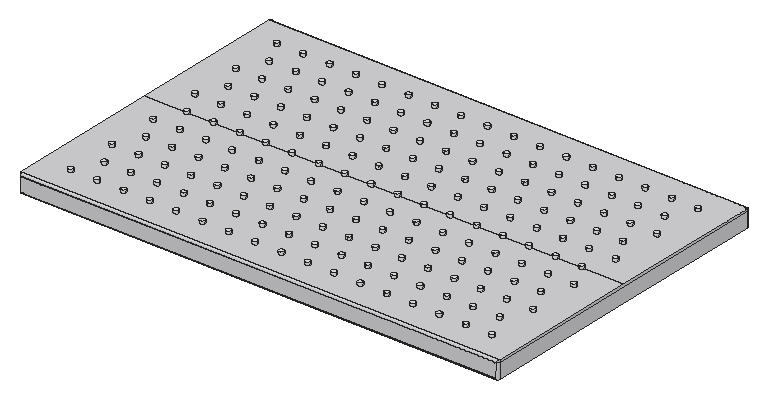
Revit family "Shower-Rainhead-KOHLER-BEITOU-K-27731IN", category Plumbing Fixtures, host Face, Revit 2017
Family settings
  Host = Face
  Round Connector Dimension = Use Diameter
  Part Type = Normal
  OmniClass Number = 23.31.17.00
  OmniClass Title = Showers
  Cut with Voids When Loaded = No
  Shared = No
  Room Calculation Point = No
Parameters (values of type "CP-Polished Chrome")
  Width = 13.18898"  # constant formula
  WaterSense Certified = 1 = 0  # no
  Waste Water Outlet = "Waste Water Outlet"  # constant formula
  Waste Connection = 1 = 0  # no
  Vent Connection = 1 = 0  # no
  URL = "https://www.kohler.co.in/"
  Type = 1
  Tempered Water Inlet = "Tempered Water Inlet"  # constant formula
  Product Page URL = "https://www.kohler.co.in/product-detail/27731in?skuid=K-27731IN-CP"
  Product Name = "BEITOU"  # constant formula
  Product Documentation Link = ""
  Pressure = 0.00 psi
  Model = if(Type = 1, "K-27731IN-CP", if(Type = 2, "K-27731IN-BL", "NA"))  # "K-27731IN-CP"
  Material = "Premium Metal Construction"  # constant formula
  Master Format 2014 Name = "Residential Showers"  # constant formula
  Master Format 2014 = "22 42 23"  # constant formula
  Manufacturer Address = "Ambience Office Tower NH-8 Gurgaon / Gurugram Haryana , 122001"  # constant formula
  Manufacturer = "KOHLER Co."  # constant formula
  Length = 8.66142"  # constant formula
  Hot Water Inlet = "Hot Water Inlet"  # constant formula
  Height = 2.40157"  # constant formula
  HW Connection = 1 = 1  # yes
  Flow Rate = 0 GPM
  Finish = Kohler-Metal-CP-Polished_Chrome
  Environmental Product Declaration = ""
  Drain Included = 1 = 0  # no
  Description = "Single Function Rainpanel"  # constant formula
  Default Elevation = 0"
  Declare Label = ""
  Date Modified = "12/30/2020"  # constant formula
  Date Created = "12/30/2020"  # constant formula
  Copyright = "Copyright KOHLER Co."  # constant formula
  Contact Us = "https://www.kohler.co.in/contact-us"
  Cold Water Inlet = "Cold Water Inlet"  # constant formula
  CW Connection = 1 = 0  # no
  Assembly Code = "D2010700"
  ADA Compliant = 1 = 0  # no
Reference planes (in)
  plane 1 "Center (Front/Back)": y = 0
  plane 2: z = 0
  plane 3 "Center (Left/Right)": x = 0
  plane 4: x = 6.59421
  plane 5: y = 4.33043
  plane 6: y = -4.33099
  plane 7: x = -6.59477
  plane 8: z = 2.40157
  plane 9: y = -0.47168
  plane 10: y = 0.47168
  plane 11: z = 1.93603
Dimensions and locks (in)
  "Width": plane 7 to plane 4
  "Length": plane 5 to plane 6
  "Height": plane 8 to level
  locked: plane 10 to plane 9 at 0.94336
  locked: plane 11 to level at 1.93603
  plane 11 to plane 8 = 0.46554"
  aligned and locked: plane 2 to host face
  aligned and locked: level to host face
Automatic sketch dimensions
  host sketch curve to host sketch curve = 96"  (x2)
Nested families (in)
  nested 1: "K-27731IN" at (0, 0, 0), type "K-27731IN"
Connectors (in)
  piping at (0, 0, 0), diameter 0.5, driven by "HW Connection", driven by "Tempered Water Inlet"
    settings: on nested 1, index 1, connector inside diameter 24", connector length 0", flow factor 0, pipe flow 0 GPM, pressure drop 0.00 psi, fitting loss kfactor 0, connector angle 0.00°, fixture units 0, engagement length 0", angle of deflection 0.00°, flow configuration 0, flow direction 1, fitting loss method 0, system type 19, joint type 0, gender type 0, connector reference index -1, connector utility 1, adjustable connector no, is connector primary yes, connector description "Tempered Water Inlet"
Definition of nested family "K-27731IN"
  Parameters (values of type "K-27731IN")
    Material = none
  Reference planes (in)
    plane 1 "Center (Front/Back)": y = 0
    plane 2: z = 0
    plane 3 "Center (Left/Right)": x = 0
    plane 4: z = 2.40945
    plane 5: y = 4.33043
    plane 6: y = -4.33043
    plane 7: x = 6.59421
    plane 8: x = -6.59421
  Forms (in)
    Extrusion 1, solid, material <- "Material", detail levels medium+fine
      sketch origin (0, 0, 0) x (0, 1, 0) y (0, 0, 1)
        loop
          line (4.33035, 1.95758) -> (4.32369, 2.33919)
          arc (4.32369, 2.33919) -> (4.30606, 2.38023) -> (4.26472, 2.39715) r 0.05898
          line (4.26472, 2.39715) -> (0, 2.39715) -> (-4.26472, 2.39715)
          arc (-4.26472, 2.39715) -> (-4.30606, 2.38023) -> (-4.32369, 2.33919) r 0.05898
          line (-4.32369, 2.33919) -> (-4.33035, 1.95758)
          arc (-4.33035, 1.95758) -> (-4.32456, 1.94305) -> (-4.31014, 1.93701) r 0.02021
          line (-4.31014, 1.93701) -> (-0.10577, 1.93701) -> (4.31014, 1.93701)
          arc (4.31014, 1.93701) -> (4.32456, 1.94305) -> (4.33035, 1.95758) r 0.02021
      from -7.50596 to 7.1468
    Extrusion 2, void
      sketch origin (0, 0, 0) x (1, 0, 0) y (0, 1, 0)
        loop
          line (0, 4.33508) -> (-6.5092, 4.33508)
          arc (-6.5092, 4.33508) -> (-6.56931, 4.31018) -> (-6.59421, 4.25007) r 0.085
          line (-6.59421, 4.25007) -> (-6.59421, -4.25007)
          arc (-6.59421, -4.25007) -> (-6.56931, -4.31018) -> (-6.5092, -4.33508) r 0.085
          line (-6.5092, -4.33508) -> (-0.19835, -4.33508) -> (6.5092, -4.33508)
          arc (6.5092, -4.33508) -> (6.56931, -4.31018) -> (6.59421, -4.25007) r 0.085
          line (6.59421, -4.25007) -> (6.59421, 4.25007)
          arc (6.59421, 4.25007) -> (6.56931, 4.31018) -> (6.5092, 4.33508) r 0.085
          line (6.5092, 4.33508) -> (0, 4.33508)
        loop
          line (-8.50449, 6.05582) -> (-8.50449, -6.1489) -> (8.22779, -6.1489) -> (8.22779, 6.05582) -> (-8.50449, 6.05582)
      from 1.30652 to 3.43545
    Revolve 3, solid, material <- "Material", detail levels medium+fine
      sketch origin (0, 0, 0) x (0, 1, 0) y (0, 0, 1)
        loop
          line (-0.47168, 0.00099) -> (0, 0.00099) -> (0, 1.94803) -> (-0.81025, 1.94803) -> (-0.78742, 1.9252) -> (-0.74803, 1.9252)
          arc (-0.74803, 1.9252) -> (-0.7349, 1.5557) -> (-0.71457, 1.18653) r 18.9874
          arc (-0.71457, 1.18653) -> (-0.69424, 1.14349) -> (-0.64997, 1.12598) r 0.06473
          line (-0.64997, 1.12598) -> (-0.44665, 1.12598)
          arc (-0.44665, 1.12598) -> (-0.41112, 1.06224) -> (-0.36588, 1.00498) r 0.45615
          arc (-0.36588, 1.00498) -> (-0.3572, 0.99117) -> (-0.35416, 0.97514) r 0.04384
          line (-0.35416, 0.97514) -> (-0.35416, 0.86217)
          arc (-0.35416, 0.86217) -> (-0.35883, 0.84735) -> (-0.37116, 0.8379) r 0.02583
          line (-0.37116, 0.8379) -> (-0.4509, 0.80888)
          arc (-0.4509, 0.80888) -> (-0.46597, 0.79731) -> (-0.47168, 0.7792) r 0.03159
          line (-0.47168, 0.7792) -> (-0.47168, 0.00099)
        axis (0, 1.94803) -> (0, 0.00099)
      angle from 0 to 360
    Extrusion 4, solid, material <- "Material", detail levels medium+fine
      sketch origin (0, 0, 0) x (0, 1, 0) y (0, 0, 1)
        loop
          line (4.2645, 2.40945) -> (0, 2.40945) -> (-4.2645, 2.40945)
          arc (-4.2645, 2.40945) -> (-4.30798, 2.39032) -> (-4.32326, 2.34534) r 0.05898
          line (-4.32326, 2.34534) -> (4.32326, 2.34534)
          arc (4.32326, 2.34534) -> (4.30798, 2.39032) -> (4.2645, 2.40945) r 0.05898
      from -7.57712 to 7.53836
    Extrusion 5, solid, detail levels medium+fine
      sketch origin (0, 0, 0) x (1, 0, 0) y (0, 1, 0)
        loop
          circle (-5.79562, 3.54335) r 0.0673
        loop
          circle (-5.06974, 3.54335) r 0.0673
        loop
          circle (-4.34531, 3.54335) r 0.0673
        loop
          circle (-3.62357, 3.54335) r 0.0673
        loop
          circle (-2.89741, 3.54335) r 0.0673
        loop
          circle (-2.17306, 3.54335) r 0.0673
        loop
          circle (-1.45031, 3.54335) r 0.0673
        loop
          circle (-0.72476, 3.54335) r 0.0673
        loop
          circle (0, 3.54335) r 0.0673
        loop
          circle (-0.36205, 2.83666) r 0.0673
        loop
          circle (-1.08873, 2.83666) r 0.0673
        loop
          circle (-1.81167, 2.83666) r 0.0673
        loop
          circle (-2.53769, 2.83666) r 0.0673
        loop
          circle (-3.25892, 2.83666) r 0.0673
        loop
          circle (-3.98435, 2.83666) r 0.0673
        loop
          circle (-4.71066, 2.83666) r 0.0673
        loop
          circle (-5.43845, 2.83666) r 0.0673
        loop
          circle (-5.79562, 2.12443) r 0.0673
        loop
          circle (-5.06887, 2.12443) r 0.0673
        loop
          circle (-4.34688, 2.12443) r 0.0673
        loop
          circle (-2.89751, 2.12443) r 0.0673
        loop
          circle (-3.6231, 2.12443) r 0.0673
        loop
          circle (-2.17459, 2.12443) r 0.0673
        loop
          circle (-1.45237, 2.12443) r 0.0673
        loop
          circle (-0.72394, 2.12443) r 0.0673
        loop
          circle (0, 2.12443) r 0.0673
        loop
          circle (-0.35747, 1.42285) r 0.0673
        loop
          circle (-1.08682, 1.42285) r 0.0673
        loop
          circle (-1.80965, 1.42285) r 0.0673
        loop
          circle (-2.53633, 1.41717) r 0.0673
        loop
          circle (-3.26483, 1.41717) r 0.0673
        loop
          circle (-3.98337, 1.41717) r 0.0673
        loop
          circle (-4.71132, 1.41717) r 0.0673
        loop
          circle (-5.43316, 1.41717) r 0.0673
        loop
          circle (-5.79063, 0.71559) r 0.0673
        loop
          circle (-5.06917, 0.70809) r 0.0673
        loop
          circle (-4.34351, 0.70809) r 0.0673
        loop
          circle (-3.62218, 0.70809) r 0.0673
        loop
          circle (-2.89676, 0.70809) r 0.0673
        loop
          circle (-2.17363, 0.70809) r 0.0673
        loop
          circle (-1.44686, 0.70809) r 0.0673
        loop
          circle (-0.72583, 0.70809) r 0.0673
        loop
          circle (0, 0.70809) r 0.0673
        loop
          circle (-0.36079, 0) r 0.0673
        loop
          circle (-1.08876, 0) r 0.0673
        loop
          circle (-1.81011, 0) r 0.0673
        loop
          circle (-2.5383, 0) r 0.0673
        loop
          circle (-3.26306, 0) r 0.0673
        loop
          circle (-3.98439, 0) r 0.0673
        loop
          circle (-4.70744, 0) r 0.0673
        loop
          circle (-5.43639, 0) r 0.0673
        loop
          circle (5.79562, 3.54335) r 0.0673
        loop
          circle (5.06974, 3.54335) r 0.0673
        loop
          circle (4.34531, 3.54335) r 0.0673
        loop
          circle (3.62357, 3.54335) r 0.0673
        loop
          circle (2.89741, 3.54335) r 0.0673
        loop
          circle (2.17306, 3.54335) r 0.0673
        loop
          circle (1.45031, 3.54335) r 0.0673
        loop
          circle (0.72476, 3.54335) r 0.0673
        loop
          circle (0.36205, 2.83666) r 0.0673
        loop
          circle (1.08873, 2.83666) r 0.0673
        loop
          circle (1.81167, 2.83666) r 0.0673
        loop
          circle (2.53769, 2.83666) r 0.0673
        loop
          circle (3.25892, 2.83666) r 0.0673
        loop
          circle (3.98435, 2.83666) r 0.0673
        loop
          circle (4.71066, 2.83666) r 0.0673
        loop
          circle (5.43845, 2.83666) r 0.0673
        loop
          circle (5.79562, 2.12443) r 0.0673
        loop
          circle (5.06887, 2.12443) r 0.0673
        loop
          circle (4.34688, 2.12443) r 0.0673
        loop
          circle (2.89751, 2.12443) r 0.0673
        loop
          circle (3.6231, 2.12443) r 0.0673
        loop
          circle (2.17459, 2.12443) r 0.0673
        loop
          circle (1.45237, 2.12443) r 0.0673
        loop
          circle (0.72394, 2.12443) r 0.0673
        loop
          circle (0.35747, 1.42285) r 0.0673
        loop
          circle (1.08682, 1.42285) r 0.0673
        loop
          circle (1.80965, 1.42285) r 0.0673
        loop
          circle (2.53633, 1.41717) r 0.0673
        loop
          circle (3.26483, 1.41717) r 0.0673
        loop
          circle (3.98337, 1.41717) r 0.0673
        loop
          circle (4.71132, 1.41717) r 0.0673
        loop
          circle (5.43316, 1.41717) r 0.0673
        loop
          circle (5.79063, 0.71559) r 0.0673
        loop
          circle (5.06917, 0.70809) r 0.0673
        loop
          circle (4.34351, 0.70809) r 0.0673
        loop
          circle (3.62218, 0.70809) r 0.0673
        loop
          circle (2.89676, 0.70809) r 0.0673
        loop
          circle (2.17363, 0.70809) r 0.0673
        loop
          circle (1.44686, 0.70809) r 0.0673
        loop
          circle (0.72583, 0.70809) r 0.0673
        loop
          circle (5.79562, -3.54335) r 0.0673
        loop
          circle (5.06974, -3.54335) r 0.0673
        loop
          circle (4.34531, -3.54335) r 0.0673
        loop
          circle (3.62357, -3.54335) r 0.0673
        loop
          circle (2.89741, -3.54335) r 0.0673
        loop
          circle (2.17306, -3.54335) r 0.0673
        loop
          circle (1.45031, -3.54335) r 0.0673
        loop
          circle (0.72476, -3.54335) r 0.0673
        loop
          circle (0.36205, -2.83666) r 0.0673
        loop
          circle (1.08873, -2.83666) r 0.0673
        loop
          circle (1.81167, -2.83666) r 0.0673
        loop
          circle (2.53769, -2.83666) r 0.0673
        loop
          circle (3.25892, -2.83666) r 0.0673
        loop
          circle (3.98435, -2.83666) r 0.0673
        loop
          circle (4.71066, -2.83666) r 0.0673
        loop
          circle (5.43845, -2.83666) r 0.0673
        loop
          circle (5.79562, -2.12443) r 0.0673
        loop
          circle (5.06887, -2.12443) r 0.0673
        loop
          circle (4.34688, -2.12443) r 0.0673
        loop
          circle (2.89751, -2.12443) r 0.0673
        loop
          circle (3.6231, -2.12443) r 0.0673
        loop
          circle (2.17459, -2.12443) r 0.0673
        loop
          circle (1.45237, -2.12443) r 0.0673
        loop
          circle (0.72394, -2.12443) r 0.0673
        loop
          circle (0.35747, -1.42285) r 0.0673
        loop
          circle (1.08682, -1.42285) r 0.0673
        loop
          circle (1.80965, -1.42285) r 0.0673
        loop
          circle (2.53633, -1.41717) r 0.0673
        loop
          circle (3.26483, -1.41717) r 0.0673
        loop
          circle (3.98337, -1.41717) r 0.0673
        loop
          circle (4.71132, -1.41717) r 0.0673
        loop
          circle (5.43316, -1.41717) r 0.0673
        loop
          circle (5.79063, -0.71559) r 0.0673
        loop
          circle (5.06917, -0.70809) r 0.0673
        loop
          circle (4.34351, -0.70809) r 0.0673
        loop
          circle (3.62218, -0.70809) r 0.0673
        loop
          circle (2.89676, -0.70809) r 0.0673
        loop
          circle (2.17363, -0.70809) r 0.0673
        loop
          circle (1.44686, -0.70809) r 0.0673
        loop
          circle (0.72583, -0.70809) r 0.0673
        loop
          circle (-5.79562, -3.54335) r 0.0673
        loop
          circle (-5.06974, -3.54335) r 0.0673
        loop
          circle (-4.34531, -3.54335) r 0.0673
        loop
          circle (-3.62357, -3.54335) r 0.0673
        loop
          circle (-2.89741, -3.54335) r 0.0673
        loop
          circle (-2.17306, -3.54335) r 0.0673
        loop
          circle (-1.45031, -3.54335) r 0.0673
        loop
          circle (-0.72476, -3.54335) r 0.0673
        loop
          circle (-0.36205, -2.83666) r 0.0673
        loop
          circle (-1.08873, -2.83666) r 0.0673
        loop
          circle (-1.81167, -2.83666) r 0.0673
        loop
          circle (-2.53769, -2.83666) r 0.0673
        loop
          circle (-3.25892, -2.83666) r 0.0673
        loop
          circle (-3.98435, -2.83666) r 0.0673
        loop
          circle (-4.71066, -2.83666) r 0.0673
        loop
          circle (-5.43845, -2.83666) r 0.0673
        loop
          circle (-5.79562, -2.12443) r 0.0673
        loop
          circle (-5.06887, -2.12443) r 0.0673
        loop
          circle (-4.34688, -2.12443) r 0.0673
        loop
          circle (-2.89751, -2.12443) r 0.0673
        loop
          circle (-3.6231, -2.12443) r 0.0673
        loop
          circle (-2.17459, -2.12443) r 0.0673
        loop
          circle (-1.45237, -2.12443) r 0.0673
        loop
          circle (-0.72394, -2.12443) r 0.0673
        loop
          circle (-0.35747, -1.42285) r 0.0673
        loop
          circle (-1.08682, -1.42285) r 0.0673
        loop
          circle (-1.80965, -1.42285) r 0.0673
        loop
          circle (-2.53633, -1.41717) r 0.0673
        loop
          circle (-3.26483, -1.41717) r 0.0673
        loop
          circle (-3.98337, -1.41717) r 0.0673
        loop
          circle (-4.71132, -1.41717) r 0.0673
        loop
          circle (-5.43316, -1.41717) r 0.0673
        loop
          circle (-5.79063, -0.71559) r 0.0673
        loop
          circle (-5.06917, -0.70809) r 0.0673
        loop
          circle (-4.34351, -0.70809) r 0.0673
        loop
          circle (-3.62218, -0.70809) r 0.0673
        loop
          circle (-2.89676, -0.70809) r 0.0673
        loop
          circle (-2.17363, -0.70809) r 0.0673
        loop
          circle (-1.44686, -0.70809) r 0.0673
        loop
          circle (-0.72583, -0.70809) r 0.0673
        loop
          circle (0.36079, 0) r 0.0673
        loop
          circle (1.08876, 0) r 0.0673
        loop
          circle (1.81011, 0) r 0.0673
        loop
          circle (2.5383, 0) r 0.0673
        loop
          circle (3.26306, 0) r 0.0673
        loop
          circle (3.98439, 0) r 0.0673
        loop
          circle (4.70744, 0) r 0.0673
        loop
          circle (5.43639, 0) r 0.0673
        loop
          circle (0, -3.54335) r 0.0673
        loop
          circle (0, -2.12443) r 0.0673
        loop
          circle (0, -0.70809) r 0.0673
      from 2.09449 to 2.46684
    Extrusion 6, void
      sketch origin (0, 0, 0) x (1, 0, 0) y (0, 0, 1)
        loop
          line (-0.52767, 0.31496) -> (-0.38372, 0.31496) -> (-0.38372, 1.0065) -> (-0.52767, 1.0065) -> (-0.52767, 0.31496)
        loop
          line (0.52767, 0.31496) -> (0.52767, 1.0065) -> (0.38372, 1.0065) -> (0.38372, 0.31496) -> (0.52767, 0.31496)
      from -1.14641 to 1.19864
    Extrusion 7, solid, material <- "Material"
      sketch origin (0, 0, 0) x (1, 0, 0) y (0, 1, 0)
        loop
          circle (0, 0) r 0.19685
      from 0 to 0.17668
    Revolve 8, solid, material <- "Material", detail levels coarse
      sketch origin (0, 0, 0) x (0, 1, 0) y (0, 0, 1)
        loop
          line (-0.47168, 0.00099) -> (0, 0.00099) -> (0, 1.94803) -> (-0.81025, 1.94803) -> (-0.78742, 1.9252) -> (-0.74803, 1.9252)
          arc (-0.74803, 1.9252) -> (-0.7335, 1.52539) -> (-0.71055, 1.12598) r 18.9874
          line (-0.71055, 1.12598) -> (-0.44665, 1.12598) -> (-0.35416, 0.97514) -> (-0.35416, 0.86217) -> (-0.47168, 0.79743) -> (-0.47168, 0.00099)
        axis (0, 1.94803) -> (0, 0.00099)
      angle from 0 to 360
    Extrusion 9, solid, material <- "Material", detail levels coarse
      sketch origin (0, 0, 0) x (1, 0, 0) y (0, 1, 0)
        loop
          line (-6.55244, 4.32326) -> (-6.55244, -4.33043) -> (6.59421, -4.33043) -> (6.59421, 4.32326) -> (-6.55244, 4.32326)
      from 1.93701 to 2.48098
  Cuts and joins
    Extrusion 2 cuts Extrusion 1
    Extrusion 6 cuts Revolve 3
    joined: Extrusion 1, Revolve 3
    Extrusion 2 cuts Extrusion 4
    joined: Revolve 8, Extrusion 9
  Lines and regions (in)
    Masking region 1
      outline origin (0, 0, 0) x (0, 1, 0) y (0, 0, 1)
        loop
          line (4.33056, 1.95758) -> (4.32369, 2.3515)
          arc (4.32369, 2.3515) -> (4.30606, 2.39254) -> (4.26472, 2.40945) r 0.05898
          line (4.26472, 2.40945) -> (3.61065, 2.40945) -> (3.61065, 2.46684) -> (3.47605, 2.46684) -> (3.47605, 2.40945) -> (3.28046, 2.40945) -> (2.90395, 2.40945) -> (2.90395, 2.46684) -> (2.76936, 2.46684) -> (2.76936, 2.40945) -> (2.49306, 2.40945) -> (2.19173, 2.40945) -> (2.19173, 2.46684) -> (2.05713, 2.46684) -> (2.05713, 2.40945) -> (1.70566, 2.40945) -> (1.49015, 2.40945) -> (1.49015, 2.46684) -> (1.34987, 2.46684) -> (1.34987, 2.40945) -> (1.11511, 2.40945) -> (0.7833, 2.40945) -> (0.7833, 2.46684) -> (0.64079, 2.46684) -> (0.64079, 2.40945) -> (0.0673, 2.40945) -> (0.0673, 2.46684) -> (-0.0673, 2.46684) -> (-0.0673, 2.40945) -> (-0.3937, 2.40945) -> (-0.64079, 2.40945) -> (-0.64079, 2.46684) -> (-0.7833, 2.46684) -> (-0.7833, 2.40945) -> (-1.11511, 2.40945) -> (-1.34987, 2.40945) -> (-1.34987, 2.46684) -> (-1.49015, 2.46684) -> (-1.49015, 2.40945) -> (-1.70566, 2.40945) -> (-2.05713, 2.40945) -> (-2.05713, 2.46684) -> (-2.19173, 2.46684) -> (-2.19173, 2.40945) -> (-2.49306, 2.40945) -> (-2.76936, 2.40945) -> (-2.76936, 2.46684) -> (-2.90395, 2.46684) -> (-2.90395, 2.40945) -> (-3.28046, 2.40945) -> (-3.47605, 2.40945) -> (-3.47605, 2.46684) -> (-3.61065, 2.46684) -> (-3.61065, 2.40945) -> (-4.26472, 2.40945)
          arc (-4.26472, 2.40945) -> (-4.30606, 2.39254) -> (-4.32369, 2.3515) r 0.05898
          line (-4.32369, 2.3515) -> (-4.33056, 1.95758)
          arc (-4.33056, 1.95758) -> (-4.32477, 1.94305) -> (-4.31035, 1.93701) r 0.02021
          line (-4.31035, 1.93701) -> (-0.81819, 1.93701) -> (-0.78742, 1.9252) -> (-0.74803, 1.9252)
          arc (-0.74803, 1.9252) -> (-0.7349, 1.5557) -> (-0.71457, 1.18653) r 18.9874
          arc (-0.71457, 1.18653) -> (-0.69424, 1.14349) -> (-0.64997, 1.12598) r 0.06473
          line (-0.64997, 1.12598) -> (-0.44665, 1.12598)
          arc (-0.44665, 1.12598) -> (-0.41112, 1.06224) -> (-0.36588, 1.00498) r 0.45615
          arc (-0.36588, 1.00498) -> (-0.3572, 0.99117) -> (-0.35416, 0.97514) r 0.04384
          line (-0.35416, 0.97514) -> (-0.35416, 0.86217)
          arc (-0.35416, 0.86217) -> (-0.35883, 0.84735) -> (-0.37116, 0.8379) r 0.02583
          line (-0.37116, 0.8379) -> (-0.4509, 0.80888)
          arc (-0.4509, 0.80888) -> (-0.46597, 0.79731) -> (-0.47168, 0.7792) r 0.03159
          line (-0.47168, 0.7792) -> (-0.47168, 0.00099) -> (0.47168, 0.00099) -> (0.47168, 0.7792)
          arc (0.47168, 0.7792) -> (0.46597, 0.79731) -> (0.4509, 0.80888) r 0.03159
          line (0.4509, 0.80888) -> (0.37116, 0.8379)
          arc (0.37116, 0.8379) -> (0.35883, 0.84735) -> (0.35416, 0.86217) r 0.02583
          line (0.35416, 0.86217) -> (0.35416, 0.97514)
          arc (0.35416, 0.97514) -> (0.3572, 0.99117) -> (0.36588, 1.00498) r 0.04384
          arc (0.36588, 1.00498) -> (0.41112, 1.06224) -> (0.44665, 1.12598) r 0.45615
          line (0.44665, 1.12598) -> (0.64997, 1.12598)
          arc (0.64997, 1.12598) -> (0.69424, 1.14349) -> (0.71457, 1.18653) r 0.06473
          arc (0.71457, 1.18653) -> (0.7349, 1.5557) -> (0.74803, 1.9252) r 18.9874
          line (0.74803, 1.9252) -> (0.78742, 1.9252) -> (0.81819, 1.93701) -> (4.31035, 1.93701)
          arc (4.31035, 1.93701) -> (4.32477, 1.94305) -> (4.33056, 1.95758) r 0.02021
    Masking region 2
      outline origin (0, 0, 0) x (1, 0, 0) y (0, 0, 1)
        loop
          arc (0.35416, 0.97415) -> (0.3572, 0.99018) -> (0.36588, 1.00399) r 0.04384
          arc (0.36588, 1.00399) -> (0.41145, 1.06175) -> (0.44714, 1.12608) r 0.45615
          line (0.44714, 1.12608) -> (0.64997, 1.12608)
          arc (0.64997, 1.12608) -> (0.69424, 1.14358) -> (0.71457, 1.18663) r 0.06473
          arc (0.71457, 1.18663) -> (0.7349, 1.55575) -> (0.74803, 1.9252) r 18.9874
          line (0.74803, 1.9252) -> (0.78739, 1.9252) -> (0.81963, 1.93693) -> (6.57435, 1.93693)
          arc (6.57435, 1.93693) -> (6.58847, 1.94285) -> (6.59414, 1.95707) r 0.01979
          line (6.59414, 1.95707) -> (6.58731, 2.34839)
          arc (6.58731, 2.34839) -> (6.56873, 2.39163) -> (6.52517, 2.40945) r 0.06215
          line (6.52517, 2.40945) -> (5.86292, 2.40945) -> (5.86292, 2.46684) -> (5.72333, 2.46684) -> (5.72333, 2.40945) -> (5.50369, 2.40945) -> (5.50369, 2.46684) -> (5.36586, 2.46684) -> (5.36586, 2.40945) -> (5.13704, 2.40945) -> (5.13704, 2.46684) -> (5.00157, 2.46684) -> (5.00157, 2.40945) -> (4.77861, 2.40945) -> (4.77861, 2.46684) -> (4.63076, 2.46684) -> (4.63076, 2.40945) -> (4.41418, 2.40945) -> (4.41418, 2.46684) -> (4.27621, 2.46684) -> (4.27621, 2.40945) -> (4.05067, 2.40945) -> (4.05067, 2.46684) -> (3.91607, 2.46684) -> (3.91607, 2.40945) -> (3.69087, 2.40945) -> (3.69087, 2.46684) -> (3.55488, 2.46684) -> (3.55488, 2.40945) -> (3.33213, 2.40945) -> (3.33213, 2.46684) -> (3.19162, 2.46684) -> (3.19162, 2.40945) -> (2.96481, 2.40945) -> (2.96481, 2.46684) -> (2.82946, 2.46684) -> (2.82946, 2.40945) -> (2.60363, 2.40945) -> (2.60363, 2.46684) -> (2.46904, 2.46684) -> (2.46904, 2.40945) -> (2.24189, 2.40945) -> (2.24189, 2.46684) -> (2.10576, 2.46684) -> (2.10576, 2.40945) -> (1.87897, 2.40945) -> (1.87897, 2.46684) -> (1.74235, 2.46684) -> (1.74235, 2.40945) -> (1.51966, 2.40945) -> (1.51966, 2.46684) -> (1.37956, 2.46684) -> (1.37956, 2.40945) -> (1.15606, 2.40945) -> (1.15606, 2.46684) -> (1.01953, 2.46684) -> (1.01953, 2.40945) -> (0.79313, 2.40945) -> (0.79313, 2.46684) -> (0.65664, 2.46684) -> (0.65664, 2.40945) -> (0.42935, 2.40945) -> (0.42935, 2.46684) -> (0.29017, 2.46684) -> (0.29017, 2.40945) -> (0.0673, 2.40945) -> (0.0673, 2.46684) -> (-0.0673, 2.46684) -> (-0.0673, 2.40945) -> (-0.29017, 2.40945) -> (-0.29017, 2.46684) -> (-0.42935, 2.46684) -> (-0.42935, 2.40945) -> (-0.65664, 2.40945) -> (-0.65664, 2.46684) -> (-0.79313, 2.46684) -> (-0.79313, 2.40945) -> (-1.01953, 2.40945) -> (-1.01953, 2.46684) -> (-1.15606, 2.46684) -> (-1.15606, 2.40945) -> (-1.37956, 2.40945) -> (-1.37956, 2.46684) -> (-1.51966, 2.46684) -> (-1.51966, 2.40945) -> (-1.74235, 2.40945) -> (-1.74235, 2.46684) -> (-1.87897, 2.46684) -> (-1.87897, 2.40945) -> (-2.10576, 2.40945) -> (-2.10576, 2.46684) -> (-2.24189, 2.46684) -> (-2.24189, 2.40945) -> (-2.46904, 2.40945) -> (-2.46904, 2.46684) -> (-2.60363, 2.46684) -> (-2.60363, 2.40945) -> (-2.82946, 2.40945) -> (-2.82946, 2.46684) -> (-2.96481, 2.46684) -> (-2.96481, 2.40945) -> (-3.19162, 2.40945) -> (-3.19162, 2.46684) -> (-3.33213, 2.46684) -> (-3.33213, 2.40945) -> (-3.55488, 2.40945) -> (-3.55488, 2.46684) -> (-3.69087, 2.46684) -> (-3.69087, 2.40945) -> (-3.91607, 2.40945) -> (-3.91607, 2.46684) -> (-4.05067, 2.46684) -> (-4.05067, 2.40945) -> (-4.27621, 2.40945) -> (-4.27621, 2.46684) -> (-4.41418, 2.46684) -> (-4.41418, 2.40945) -> (-4.63076, 2.40945) -> (-4.63076, 2.46684) -> (-4.77861, 2.46684) -> (-4.77861, 2.40945) -> (-5.00157, 2.40945) -> (-5.00157, 2.46684) -> (-5.13704, 2.46684) -> (-5.13704, 2.40945) -> (-5.36586, 2.40945) -> (-5.36586, 2.46684) -> (-5.50369, 2.46684) -> (-5.50369, 2.40945) -> (-5.72333, 2.40945) -> (-5.72333, 2.46684) -> (-5.86292, 2.46684) -> (-5.86292, 2.40945) -> (-6.52517, 2.40945)
          arc (-6.52517, 2.40945) -> (-6.56873, 2.39163) -> (-6.58731, 2.34839) r 0.06215
          line (-6.58731, 2.34839) -> (-6.59414, 1.95707)
          arc (-6.59414, 1.95707) -> (-6.58847, 1.94285) -> (-6.57435, 1.93693) r 0.01979
          line (-6.57435, 1.93693) -> (-0.81963, 1.93693) -> (-0.78739, 1.9252) -> (-0.74803, 1.9252)
          arc (-0.74803, 1.9252) -> (-0.7349, 1.55575) -> (-0.71457, 1.18663) r 18.9874
          arc (-0.71457, 1.18663) -> (-0.69424, 1.14358) -> (-0.64997, 1.12608) r 0.06473
          line (-0.64997, 1.12608) -> (-0.44714, 1.12608)
          arc (-0.44714, 1.12608) -> (-0.41145, 1.06175) -> (-0.36588, 1.00399) r 0.45615
          arc (-0.36588, 1.00399) -> (-0.3572, 0.99018) -> (-0.35416, 0.97415) r 0.04384
          line (-0.35416, 0.97415) -> (-0.35416, 0.86118)
          arc (-0.35416, 0.86118) -> (-0.36286, 0.84053) -> (-0.38372, 0.83233) r 0.02885
          line (-0.38372, 0.83233) -> (-0.38372, 0.31496) -> (-0.47168, 0.31496) -> (-0.47168, 0) -> (0, 0) -> (0.47168, 0) -> (0.47168, 0.31496) -> (0.38372, 0.31496) -> (0.38372, 0.83233)
          arc (0.38372, 0.83233) -> (0.36286, 0.84053) -> (0.35416, 0.86118) r 0.02885
          line (0.35416, 0.86118) -> (0.35416, 0.97415)
    Masking region 3
      outline origin (0, 0, 0) x (1, 0, 0) y (0, 1, 0)
        loop
          line (0, 4.33508) -> (-6.5092, 4.33508)
          arc (-6.5092, 4.33508) -> (-6.56931, 4.31018) -> (-6.59421, 4.25007) r 0.085
          line (-6.59421, 4.25007) -> (-6.59421, -4.25007)
          arc (-6.59421, -4.25007) -> (-6.56931, -4.31018) -> (-6.5092, -4.33508) r 0.085
          line (-6.5092, -4.33508) -> (-0.19835, -4.33508) -> (6.5092, -4.33508)
          arc (6.5092, -4.33508) -> (6.56931, -4.31018) -> (6.59421, -4.25007) r 0.085
          line (6.59421, -4.25007) -> (6.59421, 4.25007)
          arc (6.59421, 4.25007) -> (6.56931, 4.31018) -> (6.5092, 4.33508) r 0.085
          line (6.5092, 4.33508) -> (0, 4.33508)
    symbolic lines, detail levels medium+fine
      curve 1: line (0, 3.61065, 2.40945) -> (0, -3.61065, 2.40945)
      curve 2: arc (0, 0.24048, 0.8081) -> (0, 0, 0.83332) -> (0, -0.24048, 0.8081) r 1.159
      curve 3: arc (0, 0.27431, 0.78084) -> (0, 0.26153, 0.7996) -> (0, 0.24048, 0.8081) r 0.03911
      curve 4: arc (0, -0.24048, 0.8081) -> (0, -0.26153, 0.7996) -> (0, -0.27431, 0.78084) r 0.03911
      curve 5: line (0, 0.27431, 0.31496) -> (0, 0.27431, 0.78084)
      curve 6: line (0, -0.27431, 0.78084) -> (0, -0.27431, 0.31496)
      curve 7: line (0, -0.27431, 0.31496) -> (0, 0.27431, 0.31496)
      curve 8: line (0, 0.44665, 1.12598) -> (0, -0.44665, 1.12598)
      curve 9: line (0, 0.74803, 1.9252) -> (0, -0.74803, 1.9252)
      curve 10: line (0, -0.81819, 1.93701) -> (0, 0.81819, 1.93701)
      curve 11: line (0, 4.32359, 2.33919) -> (0, -4.32326, 2.34534)
      curve 12: circle (0, 0.00003, 0.92661) r 0.02347 normal (1, 0, 0)
      curve 13: line (0, 0.4509, 0.80888) -> (0, 0.23679, 0.80888)
      curve 14: line (0, 0.47168, 0.7792) -> (0, 0.27483, 0.7792)
      curve 15: line (0, 0.35416, 0.86217) -> (0, -0.35416, 0.86217)
      curve 16: line (0, 0.37116, 0.8379) -> (0, -0.37116, 0.8379)
      curve 17: line (0, -0.4509, 0.80888) -> (0, -0.23679, 0.80888)
      curve 18: line (0, -0.47168, 0.7792) -> (0, -0.27483, 0.7792)
      curve 19: line (0, 0.71457, 1.18653) -> (0, -0.71457, 1.18653)
      curve 20: line (-5.86292, 0, 2.40945) -> (5.86292, 0, 2.40945)
      curve 21: line (6.58731, 0, 2.34839) -> (-6.59421, 0, 2.34534)
      curve 22: line (0.81963, 0, 1.93693) -> (-0.82119, 0, 1.93701)
      curve 23: line (-0.74803, 0, 1.9252) -> (0.74803, 0, 1.9252)
      curve 24: line (-0.44714, 0, 1.12608) -> (0.44714, 0, 1.12608)
      curve 25: line (-0.36588, 0, 1.00399) -> (0.36588, 0, 1.00399)
      curve 26: line (-0.35416, 0, 0.97415) -> (0.35416, 0, 0.97415)
      curve 27: line (-0.38372, 0, 0.83233) -> (0.38372, 0, 0.83233)
      curve 28: line (-0.35416, 0, 0.86118) -> (0.35416, 0, 0.86118)
      curve 29: line (-0.71457, 0, 1.18663) -> (0.71457, 0, 1.18663)
      curve 30: circle (-0.00011, 0, 0.92595) r 0.02343 normal (0, 1, 0)
      curve 31: arc (-5.72832, 3.54335, 0) -> (-5.79562, 3.61065, 0) -> (-5.86292, 3.54335, 0) r 0.0673
      curve 32: arc (-5.86292, 3.54335, 0) -> (-5.79562, 3.47605, 0) -> (-5.72832, 3.54335, 0) r 0.0673
      curve 33: arc (-5.13704, 3.54335, 0) -> (-5.06974, 3.47605, 0) -> (-5.00244, 3.54335, 0) r 0.0673
      curve 34: arc (-5.00244, 3.54335, 0) -> (-5.06974, 3.61065, 0) -> (-5.13704, 3.54335, 0) r 0.0673
      curve 35: arc (-4.41261, 3.54335, 0) -> (-4.34531, 3.47605, 0) -> (-4.27801, 3.54335, 0) r 0.0673
      curve 36: arc (-4.27801, 3.54335, 0) -> (-4.34531, 3.61065, 0) -> (-4.41261, 3.54335, 0) r 0.0673
      curve 37: arc (-3.55627, 3.54335, 0) -> (-3.62357, 3.61065, 0) -> (-3.69087, 3.54335, 0) r 0.0673
      curve 38: arc (-3.69087, 3.54335, 0) -> (-3.62357, 3.47605, 0) -> (-3.55627, 3.54335, 0) r 0.0673
      curve 39: arc (-2.83012, 3.54335, 0) -> (-2.89741, 3.61065, 0) -> (-2.96471, 3.54335, 0) r 0.0673
      curve 40: arc (-2.96471, 3.54335, 0) -> (-2.89741, 3.47605, 0) -> (-2.83012, 3.54335, 0) r 0.0673
      curve 41: arc (-2.10576, 3.54335, 0) -> (-2.17306, 3.61065, 0) -> (-2.24036, 3.54335, 0) r 0.0673
      curve 42: arc (-2.24036, 3.54335, 0) -> (-2.17306, 3.47605, 0) -> (-2.10576, 3.54335, 0) r 0.0673
      curve 43: arc (-1.38301, 3.54335, 0) -> (-1.45031, 3.61065, 0) -> (-1.51761, 3.54335, 0) r 0.0673
      curve 44: arc (-1.51761, 3.54335, 0) -> (-1.45031, 3.47605, 0) -> (-1.38301, 3.54335, 0) r 0.0673
      curve 45: arc (-0.79206, 3.54335, 0) -> (-0.72476, 3.47605, 0) -> (-0.65746, 3.54335, 0) r 0.0673
      curve 46: arc (-0.65746, 3.54335, 0) -> (-0.72476, 3.61065, 0) -> (-0.79206, 3.54335, 0) r 0.0673
      curve 47: arc (-0.0673, 3.54335, 0) -> (0, 3.47605, 0) -> (0.0673, 3.54335, 0) r 0.0673
      curve 48: arc (0.0673, 3.54335, 0) -> (0, 3.61065, 0) -> (-0.0673, 3.54335, 0) r 0.0673
      curve 49: arc (-0.29475, 2.83666, 0) -> (-0.36205, 2.90395, 0) -> (-0.42935, 2.83666, 0) r 0.0673
      curve 50: arc (-0.42935, 2.83666, 0) -> (-0.36205, 2.76936, 0) -> (-0.29475, 2.83666, 0) r 0.0673
      curve 51: arc (-1.02143, 2.83666, 0) -> (-1.08873, 2.90395, 0) -> (-1.15603, 2.83666, 0) r 0.0673
      curve 52: arc (-1.15603, 2.83666, 0) -> (-1.08873, 2.76936, 0) -> (-1.02143, 2.83666, 0) r 0.0673
      curve 53: arc (-1.74437, 2.83666, 0) -> (-1.81167, 2.90395, 0) -> (-1.87897, 2.83666, 0) r 0.0673
      curve 54: arc (-1.02143, 2.83666, 0) -> (-1.08873, 2.90395, 0) -> (-1.15603, 2.83666, 0) r 0.0673
      curve 55: arc (-1.87897, 2.83666, 0) -> (-1.81167, 2.76936, 0) -> (-1.74437, 2.83666, 0) r 0.0673
      curve 56: arc (-2.47039, 2.83666, 0) -> (-2.53769, 2.90395, 0) -> (-2.60499, 2.83666, 0) r 0.0673
      curve 57: arc (-2.60499, 2.83666, 0) -> (-2.53769, 2.76936, 0) -> (-2.47039, 2.83666, 0) r 0.0673
      curve 58: arc (-3.32622, 2.83666, 0) -> (-3.25892, 2.76936, 0) -> (-3.19162, 2.83666, 0) r 0.0673
      curve 59: arc (-3.19162, 2.83666, 0) -> (-3.25892, 2.90395, 0) -> (-3.32622, 2.83666, 0) r 0.0673
      curve 60: arc (-3.91705, 2.83666, 0) -> (-3.98435, 2.90395, 0) -> (-4.05164, 2.83666, 0) r 0.0673
      curve 61: arc (-4.05164, 2.83666, 0) -> (-3.98435, 2.76936, 0) -> (-3.91705, 2.83666, 0) r 0.0673
      curve 62: arc (-4.64336, 2.83666, 0) -> (-4.71066, 2.90395, 0) -> (-4.77796, 2.83666, 0) r 0.0673
      curve 63: arc (-4.77796, 2.83666, 0) -> (-4.71066, 2.76936, 0) -> (-4.64336, 2.83666, 0) r 0.0673
      curve 64: arc (-5.50575, 2.83666, 0) -> (-5.43845, 2.76936, 0) -> (-5.37115, 2.83666, 0) r 0.0673
      curve 65: arc (-5.37115, 2.83666, 0) -> (-5.43845, 2.90395, 0) -> (-5.50575, 2.83666, 0) r 0.0673
      curve 66: arc (-5.72832, 2.12443, 0) -> (-5.79562, 2.19173, 0) -> (-5.86292, 2.12443, 0) r 0.0673
      curve 67: arc (-5.86292, 2.12443, 0) -> (-5.79562, 2.05713, 0) -> (-5.72832, 2.12443, 0) r 0.0673
      curve 68: arc (-5.00157, 2.12443, 0) -> (-5.06887, 2.19173, 0) -> (-5.13617, 2.12443, 0) r 0.0673
      curve 69: arc (-5.13617, 2.12443, 0) -> (-5.06887, 2.05713, 0) -> (-5.00157, 2.12443, 0) r 0.0673
      curve 70: arc (-4.27958, 2.12443, 0) -> (-4.34688, 2.19173, 0) -> (-4.41418, 2.12443, 0) r 0.0673
      curve 71: arc (-4.41418, 2.12443, 0) -> (-4.34688, 2.05713, 0) -> (-4.27958, 2.12443, 0) r 0.0673
      curve 72: arc (-3.6904, 2.12443, 0) -> (-3.6231, 2.05713, 0) -> (-3.55581, 2.12443, 0) r 0.0673
      curve 73: arc (-3.55581, 2.12443, 0) -> (-3.6231, 2.19173, 0) -> (-3.6904, 2.12443, 0) r 0.0673
      curve 74: arc (-2.83021, 2.12443, 0) -> (-2.89751, 2.19173, 0) -> (-2.96481, 2.12443, 0) r 0.0673
      curve 75: arc (-2.96481, 2.12443, 0) -> (-2.89751, 2.05713, 0) -> (-2.83021, 2.12443, 0) r 0.0673
      curve 76: arc (-2.1073, 2.12443, 0) -> (-2.17459, 2.19173, 0) -> (-2.24189, 2.12443, 0) r 0.0673
      curve 77: arc (-2.24189, 2.12443, 0) -> (-2.17459, 2.05713, 0) -> (-2.1073, 2.12443, 0) r 0.0673
      curve 78: arc (-1.51966, 2.12443, 0) -> (-1.45237, 2.05713, 0) -> (-1.38507, 2.12443, 0) r 0.0673
      curve 79: arc (-1.38507, 2.12443, 0) -> (-1.45237, 2.19173, 0) -> (-1.51966, 2.12443, 0) r 0.0673
      curve 80: arc (-0.65664, 2.12443, 0) -> (-0.72394, 2.19173, 0) -> (-0.79123, 2.12443, 0) r 0.0673
      curve 81: arc (-0.79123, 2.12443, 0) -> (-0.72394, 2.05713, 0) -> (-0.65664, 2.12443, 0) r 0.0673
      curve 82: arc (-0.29017, 1.42285, 0) -> (-0.35747, 1.49015, 0) -> (-0.42477, 1.42285, 0) r 0.0673
      curve 83: arc (-0.42477, 1.42285, 0) -> (-0.35747, 1.35555, 0) -> (-0.29017, 1.42285, 0) r 0.0673
      curve 84: arc (-0.0673, 2.12443, 0) -> (0, 2.05713, 0) -> (0.0673, 2.12443, 0) r 0.0673
      curve 85: arc (0.0673, 2.12443, 0) -> (0, 2.19173, 0) -> (-0.0673, 2.12443, 0) r 0.0673
      curve 86: arc (-0.29017, 1.42285, 0) -> (-0.35747, 1.49015, 0) -> (-0.42477, 1.42285, 0) r 0.0673
      curve 87: arc (-0.42477, 1.42285, 0) -> (-0.35747, 1.35555, 0) -> (-0.29017, 1.42285, 0) r 0.0673
      curve 88: arc (-1.01953, 1.42285, 0) -> (-1.08682, 1.49015, 0) -> (-1.15412, 1.42285, 0) r 0.0673
      curve 89: arc (-1.15412, 1.42285, 0) -> (-1.08682, 1.35555, 0) -> (-1.01953, 1.42285, 0) r 0.0673
      curve 90: arc (-1.74235, 1.42285, 0) -> (-1.80965, 1.49015, 0) -> (-1.87695, 1.42285, 0) r 0.0673
      curve 91: arc (-1.87695, 1.42285, 0) -> (-1.80965, 1.35555, 0) -> (-1.74235, 1.42285, 0) r 0.0673
      curve 92: arc (-2.46904, 1.41717, 0) -> (-2.53633, 1.48447, 0) -> (-2.60363, 1.41717, 0) r 0.0673
      curve 93: arc (-2.60363, 1.41717, 0) -> (-2.53633, 1.34987, 0) -> (-2.46904, 1.41717, 0) r 0.0673
      curve 94: arc (-3.19754, 1.41717, 0) -> (-3.26483, 1.48447, 0) -> (-3.33213, 1.41717, 0) r 0.0673
      curve 95: arc (-3.33213, 1.41717, 0) -> (-3.26483, 1.34987, 0) -> (-3.19754, 1.41717, 0) r 0.0673
      curve 96: arc (-3.91607, 1.41717, 0) -> (-3.98337, 1.48447, 0) -> (-4.05067, 1.41717, 0) r 0.0673
      curve 97: arc (-4.05067, 1.41717, 0) -> (-3.98337, 1.34987, 0) -> (-3.91607, 1.41717, 0) r 0.0673
      curve 98: arc (-4.64402, 1.41717, 0) -> (-4.71132, 1.48447, 0) -> (-4.77861, 1.41717, 0) r 0.0673
      curve 99: arc (-4.77861, 1.41717, 0) -> (-4.71132, 1.34987, 0) -> (-4.64402, 1.41717, 0) r 0.0673
      curve 100: arc (-5.36586, 1.41717, 0) -> (-5.43316, 1.48447, 0) -> (-5.50045, 1.41717, 0) r 0.0673
      curve 101: arc (-5.50045, 1.41717, 0) -> (-5.43316, 1.34987, 0) -> (-5.36586, 1.41717, 0) r 0.0673
      curve 102: arc (-5.72333, 0.71559, 0) -> (-5.79063, 0.78289, 0) -> (-5.85793, 0.71559, 0) r 0.0673
      curve 103: arc (-5.85793, 0.71559, 0) -> (-5.79063, 0.64829, 0) -> (-5.72333, 0.71559, 0) r 0.0673
      curve 104: arc (-5.00187, 0.70809, 0) -> (-5.06917, 0.77539, 0) -> (-5.13647, 0.70809, 0) r 0.0673
      curve 105: arc (-5.13647, 0.70809, 0) -> (-5.06917, 0.64079, 0) -> (-5.00187, 0.70809, 0) r 0.0673
      curve 106: arc (-4.27621, 0.70809, 0) -> (-4.34351, 0.77539, 0) -> (-4.41081, 0.70809, 0) r 0.0673
      curve 107: arc (-4.41081, 0.70809, 0) -> (-4.34351, 0.64079, 0) -> (-4.27621, 0.70809, 0) r 0.0673
      curve 108: arc (-3.55488, 0.70809, 0) -> (-3.62218, 0.77539, 0) -> (-3.68948, 0.70809, 0) r 0.0673
      curve 109: arc (-3.68948, 0.70809, 0) -> (-3.62218, 0.64079, 0) -> (-3.55488, 0.70809, 0) r 0.0673
      curve 110: arc (-2.82946, 0.70809, 0) -> (-2.89676, 0.77539, 0) -> (-2.96406, 0.70809, 0) r 0.0673
      curve 111: arc (-2.96406, 0.70809, 0) -> (-2.89676, 0.64079, 0) -> (-2.82946, 0.70809, 0) r 0.0673
      curve 112: arc (-2.10633, 0.70809, 0) -> (-2.17363, 0.77539, 0) -> (-2.24092, 0.70809, 0) r 0.0673
      curve 113: arc (-2.24092, 0.70809, 0) -> (-2.17363, 0.64079, 0) -> (-2.10633, 0.70809, 0) r 0.0673
      curve 114: arc (-1.37956, 0.70809, 0) -> (-1.44686, 0.77539, 0) -> (-1.51416, 0.70809, 0) r 0.0673
      curve 115: arc (-1.51416, 0.70809, 0) -> (-1.44686, 0.64079, 0) -> (-1.37956, 0.70809, 0) r 0.0673
      curve 116: arc (-0.79313, 0.70809, 0) -> (-0.72583, 0.64079, 0) -> (-0.65853, 0.70809, 0) r 0.0673
      curve 117: arc (-0.65853, 0.70809, 0) -> (-0.72583, 0.77539, 0) -> (-0.79313, 0.70809, 0) r 0.0673
      curve 118: arc (0.0673, 0.70809, 0) -> (0, 0.77539, 0) -> (-0.0673, 0.70809, 0) r 0.0673
      curve 119: arc (-0.0673, 0.70809, 0) -> (0, 0.64079, 0) -> (0.0673, 0.70809, 0) r 0.0673
      curve 120: arc (5.72832, 3.54335, 0) -> (5.79562, 3.61065, 0) -> (5.86292, 3.54335, 0) r 0.0673
      curve 121: arc (5.86292, 3.54335, 0) -> (5.79562, 3.47605, 0) -> (5.72832, 3.54335, 0) r 0.0673
      curve 122: arc (5.13704, 3.54335, 0) -> (5.06974, 3.47605, 0) -> (5.00244, 3.54335, 0) r 0.0673
      curve 123: arc (5.00244, 3.54335, 0) -> (5.06974, 3.61065, 0) -> (5.13704, 3.54335, 0) r 0.0673
      curve 124: arc (4.41261, 3.54335, 0) -> (4.34531, 3.47605, 0) -> (4.27801, 3.54335, 0) r 0.0673
      curve 125: arc (4.27801, 3.54335, 0) -> (4.34531, 3.61065, 0) -> (4.41261, 3.54335, 0) r 0.0673
      curve 126: arc (3.55627, 3.54335, 0) -> (3.62357, 3.61065, 0) -> (3.69087, 3.54335, 0) r 0.0673
      curve 127: arc (3.69087, 3.54335, 0) -> (3.62357, 3.47605, 0) -> (3.55627, 3.54335, 0) r 0.0673
      curve 128: arc (2.83012, 3.54335, 0) -> (2.89741, 3.61065, 0) -> (2.96471, 3.54335, 0) r 0.0673
      curve 129: arc (2.96471, 3.54335, 0) -> (2.89741, 3.47605, 0) -> (2.83012, 3.54335, 0) r 0.0673
      curve 130: arc (2.10576, 3.54335, 0) -> (2.17306, 3.61065, 0) -> (2.24036, 3.54335, 0) r 0.0673
      curve 131: arc (2.24036, 3.54335, 0) -> (2.17306, 3.47605, 0) -> (2.10576, 3.54335, 0) r 0.0673
      curve 132: arc (1.38301, 3.54335, 0) -> (1.45031, 3.61065, 0) -> (1.51761, 3.54335, 0) r 0.0673
      curve 133: arc (1.51761, 3.54335, 0) -> (1.45031, 3.47605, 0) -> (1.38301, 3.54335, 0) r 0.0673
      curve 134: arc (0.79206, 3.54335, 0) -> (0.72476, 3.47605, 0) -> (0.65746, 3.54335, 0) r 0.0673
      curve 135: arc (0.65746, 3.54335, 0) -> (0.72476, 3.61065, 0) -> (0.79206, 3.54335, 0) r 0.0673
      curve 136: arc (0.29475, 2.83666, 0) -> (0.36205, 2.90395, 0) -> (0.42935, 2.83666, 0) r 0.0673
      curve 137: arc (0.42935, 2.83666, 0) -> (0.36205, 2.76936, 0) -> (0.29475, 2.83666, 0) r 0.0673
      curve 138: arc (1.02143, 2.83666, 0) -> (1.08873, 2.90395, 0) -> (1.15603, 2.83666, 0) r 0.0673
      curve 139: arc (1.15603, 2.83666, 0) -> (1.08873, 2.76936, 0) -> (1.02143, 2.83666, 0) r 0.0673
      curve 140: arc (1.74437, 2.83666, 0) -> (1.81167, 2.90395, 0) -> (1.87897, 2.83666, 0) r 0.0673
      curve 141: arc (1.02143, 2.83666, 0) -> (1.08873, 2.90395, 0) -> (1.15603, 2.83666, 0) r 0.0673
      curve 142: arc (1.87897, 2.83666, 0) -> (1.81167, 2.76936, 0) -> (1.74437, 2.83666, 0) r 0.0673
      curve 143: arc (2.47039, 2.83666, 0) -> (2.53769, 2.90395, 0) -> (2.60499, 2.83666, 0) r 0.0673
      curve 144: arc (2.60499, 2.83666, 0) -> (2.53769, 2.76936, 0) -> (2.47039, 2.83666, 0) r 0.0673
      curve 145: arc (3.32622, 2.83666, 0) -> (3.25892, 2.76936, 0) -> (3.19162, 2.83666, 0) r 0.0673
      curve 146: arc (3.19162, 2.83666, 0) -> (3.25892, 2.90395, 0) -> (3.32622, 2.83666, 0) r 0.0673
      curve 147: arc (3.91705, 2.83666, 0) -> (3.98435, 2.90395, 0) -> (4.05164, 2.83666, 0) r 0.0673
      curve 148: arc (4.05164, 2.83666, 0) -> (3.98435, 2.76936, 0) -> (3.91705, 2.83666, 0) r 0.0673
      curve 149: arc (4.64336, 2.83666, 0) -> (4.71066, 2.90395, 0) -> (4.77796, 2.83666, 0) r 0.0673
      curve 150: arc (4.77796, 2.83666, 0) -> (4.71066, 2.76936, 0) -> (4.64336, 2.83666, 0) r 0.0673
      curve 151: arc (5.50575, 2.83666, 0) -> (5.43845, 2.76936, 0) -> (5.37115, 2.83666, 0) r 0.0673
      curve 152: arc (5.37115, 2.83666, 0) -> (5.43845, 2.90395, 0) -> (5.50575, 2.83666, 0) r 0.0673
      curve 153: arc (5.72832, 2.12443, 0) -> (5.79562, 2.19173, 0) -> (5.86292, 2.12443, 0) r 0.0673
      curve 154: arc (5.86292, 2.12443, 0) -> (5.79562, 2.05713, 0) -> (5.72832, 2.12443, 0) r 0.0673
      curve 155: arc (5.00157, 2.12443, 0) -> (5.06887, 2.19173, 0) -> (5.13617, 2.12443, 0) r 0.0673
      curve 156: arc (5.13617, 2.12443, 0) -> (5.06887, 2.05713, 0) -> (5.00157, 2.12443, 0) r 0.0673
      curve 157: arc (4.27958, 2.12443, 0) -> (4.34688, 2.19173, 0) -> (4.41418, 2.12443, 0) r 0.0673
      curve 158: arc (4.41418, 2.12443, 0) -> (4.34688, 2.05713, 0) -> (4.27958, 2.12443, 0) r 0.0673
      curve 159: arc (3.6904, 2.12443, 0) -> (3.6231, 2.05713, 0) -> (3.55581, 2.12443, 0) r 0.0673
      curve 160: arc (3.55581, 2.12443, 0) -> (3.6231, 2.19173, 0) -> (3.6904, 2.12443, 0) r 0.0673
      curve 161: arc (2.83021, 2.12443, 0) -> (2.89751, 2.19173, 0) -> (2.96481, 2.12443, 0) r 0.0673
      curve 162: arc (2.96481, 2.12443, 0) -> (2.89751, 2.05713, 0) -> (2.83021, 2.12443, 0) r 0.0673
      curve 163: arc (2.1073, 2.12443, 0) -> (2.17459, 2.19173, 0) -> (2.24189, 2.12443, 0) r 0.0673
      curve 164: arc (2.24189, 2.12443, 0) -> (2.17459, 2.05713, 0) -> (2.1073, 2.12443, 0) r 0.0673
      curve 165: arc (1.51966, 2.12443, 0) -> (1.45237, 2.05713, 0) -> (1.38507, 2.12443, 0) r 0.0673
      curve 166: arc (1.38507, 2.12443, 0) -> (1.45237, 2.19173, 0) -> (1.51966, 2.12443, 0) r 0.0673
      curve 167: arc (0.65664, 2.12443, 0) -> (0.72394, 2.19173, 0) -> (0.79123, 2.12443, 0) r 0.0673
      curve 168: arc (0.79123, 2.12443, 0) -> (0.72394, 2.05713, 0) -> (0.65664, 2.12443, 0) r 0.0673
      curve 169: arc (0.29017, 1.42285, 0) -> (0.35747, 1.49015, 0) -> (0.42477, 1.42285, 0) r 0.0673
      curve 170: arc (0.42477, 1.42285, 0) -> (0.35747, 1.35555, 0) -> (0.29017, 1.42285, 0) r 0.0673
      curve 171: arc (0.29017, 1.42285, 0) -> (0.35747, 1.49015, 0) -> (0.42477, 1.42285, 0) r 0.0673
      curve 172: arc (0.42477, 1.42285, 0) -> (0.35747, 1.35555, 0) -> (0.29017, 1.42285, 0) r 0.0673
      curve 173: arc (1.01953, 1.42285, 0) -> (1.08682, 1.49015, 0) -> (1.15412, 1.42285, 0) r 0.0673
      curve 174: arc (1.15412, 1.42285, 0) -> (1.08682, 1.35555, 0) -> (1.01953, 1.42285, 0) r 0.0673
      curve 175: arc (1.74235, 1.42285, 0) -> (1.80965, 1.49015, 0) -> (1.87695, 1.42285, 0) r 0.0673
      curve 176: arc (1.87695, 1.42285, 0) -> (1.80965, 1.35555, 0) -> (1.74235, 1.42285, 0) r 0.0673
      curve 177: arc (2.46904, 1.41717, 0) -> (2.53633, 1.48447, 0) -> (2.60363, 1.41717, 0) r 0.0673
      curve 178: arc (2.60363, 1.41717, 0) -> (2.53633, 1.34987, 0) -> (2.46904, 1.41717, 0) r 0.0673
      curve 179: arc (3.19754, 1.41717, 0) -> (3.26483, 1.48447, 0) -> (3.33213, 1.41717, 0) r 0.0673
      curve 180: arc (3.33213, 1.41717, 0) -> (3.26483, 1.34987, 0) -> (3.19754, 1.41717, 0) r 0.0673
      curve 181: arc (3.91607, 1.41717, 0) -> (3.98337, 1.48447, 0) -> (4.05067, 1.41717, 0) r 0.0673
      curve 182: arc (4.05067, 1.41717, 0) -> (3.98337, 1.34987, 0) -> (3.91607, 1.41717, 0) r 0.0673
      curve 183: arc (4.64402, 1.41717, 0) -> (4.71132, 1.48447, 0) -> (4.77861, 1.41717, 0) r 0.0673
      curve 184: arc (4.77861, 1.41717, 0) -> (4.71132, 1.34987, 0) -> (4.64402, 1.41717, 0) r 0.0673
      curve 185: arc (5.36586, 1.41717, 0) -> (5.43316, 1.48447, 0) -> (5.50045, 1.41717, 0) r 0.0673
      curve 186: arc (5.50045, 1.41717, 0) -> (5.43316, 1.34987, 0) -> (5.36586, 1.41717, 0) r 0.0673
      curve 187: arc (5.72333, 0.71559, 0) -> (5.79063, 0.78289, 0) -> (5.85793, 0.71559, 0) r 0.0673
      curve 188: arc (5.85793, 0.71559, 0) -> (5.79063, 0.64829, 0) -> (5.72333, 0.71559, 0) r 0.0673
      curve 189: arc (5.00187, 0.70809, 0) -> (5.06917, 0.77539, 0) -> (5.13647, 0.70809, 0) r 0.0673
      curve 190: arc (5.13647, 0.70809, 0) -> (5.06917, 0.64079, 0) -> (5.00187, 0.70809, 0) r 0.0673
      curve 191: arc (4.27621, 0.70809, 0) -> (4.34351, 0.77539, 0) -> (4.41081, 0.70809, 0) r 0.0673
      curve 192: arc (4.41081, 0.70809, 0) -> (4.34351, 0.64079, 0) -> (4.27621, 0.70809, 0) r 0.0673
      curve 193: arc (3.55488, 0.70809, 0) -> (3.62218, 0.77539, 0) -> (3.68948, 0.70809, 0) r 0.0673
      curve 194: arc (3.68948, 0.70809, 0) -> (3.62218, 0.64079, 0) -> (3.55488, 0.70809, 0) r 0.0673
      curve 195: arc (2.82946, 0.70809, 0) -> (2.89676, 0.77539, 0) -> (2.96406, 0.70809, 0) r 0.0673
      curve 196: arc (2.96406, 0.70809, 0) -> (2.89676, 0.64079, 0) -> (2.82946, 0.70809, 0) r 0.0673
      curve 197: arc (2.10633, 0.70809, 0) -> (2.17363, 0.77539, 0) -> (2.24092, 0.70809, 0) r 0.0673
      curve 198: arc (2.24092, 0.70809, 0) -> (2.17363, 0.64079, 0) -> (2.10633, 0.70809, 0) r 0.0673
      curve 199: arc (1.37956, 0.70809, 0) -> (1.44686, 0.77539, 0) -> (1.51416, 0.70809, 0) r 0.0673
      curve 200: arc (1.51416, 0.70809, 0) -> (1.44686, 0.64079, 0) -> (1.37956, 0.70809, 0) r 0.0673
      curve 201: arc (0.79313, 0.70809, 0) -> (0.72583, 0.64079, 0) -> (0.65853, 0.70809, 0) r 0.0673
      curve 202: arc (0.65853, 0.70809, 0) -> (0.72583, 0.77539, 0) -> (0.79313, 0.70809, 0) r 0.0673
      curve 203: arc (5.72832, -3.54335, 0) -> (5.79562, -3.61065, 0) -> (5.86292, -3.54335, 0) r 0.0673
      curve 204: arc (5.86292, -3.54335, 0) -> (5.79562, -3.47605, 0) -> (5.72832, -3.54335, 0) r 0.0673
      curve 205: arc (5.13704, -3.54335, 0) -> (5.06974, -3.47605, 0) -> (5.00244, -3.54335, 0) r 0.0673
      curve 206: arc (5.00244, -3.54335, 0) -> (5.06974, -3.61065, 0) -> (5.13704, -3.54335, 0) r 0.0673
      curve 207: arc (4.41261, -3.54335, 0) -> (4.34531, -3.47605, 0) -> (4.27801, -3.54335, 0) r 0.0673
      curve 208: arc (4.27801, -3.54335, 0) -> (4.34531, -3.61065, 0) -> (4.41261, -3.54335, 0) r 0.0673
      curve 209: arc (3.55627, -3.54335, 0) -> (3.62357, -3.61065, 0) -> (3.69087, -3.54335, 0) r 0.0673
      curve 210: arc (3.69087, -3.54335, 0) -> (3.62357, -3.47605, 0) -> (3.55627, -3.54335, 0) r 0.0673
      curve 211: arc (2.83012, -3.54335, 0) -> (2.89741, -3.61065, 0) -> (2.96471, -3.54335, 0) r 0.0673
      curve 212: arc (2.96471, -3.54335, 0) -> (2.89741, -3.47605, 0) -> (2.83012, -3.54335, 0) r 0.0673
      curve 213: arc (2.10576, -3.54335, 0) -> (2.17306, -3.61065, 0) -> (2.24036, -3.54335, 0) r 0.0673
      curve 214: arc (2.24036, -3.54335, 0) -> (2.17306, -3.47605, 0) -> (2.10576, -3.54335, 0) r 0.0673
      curve 215: arc (1.38301, -3.54335, 0) -> (1.45031, -3.61065, 0) -> (1.51761, -3.54335, 0) r 0.0673
      curve 216: arc (1.51761, -3.54335, 0) -> (1.45031, -3.47605, 0) -> (1.38301, -3.54335, 0) r 0.0673
      curve 217: arc (0.79206, -3.54335, 0) -> (0.72476, -3.47605, 0) -> (0.65746, -3.54335, 0) r 0.0673
      curve 218: arc (0.65746, -3.54335, 0) -> (0.72476, -3.61065, 0) -> (0.79206, -3.54335, 0) r 0.0673
      curve 219: arc (0.29475, -2.83666, 0) -> (0.36205, -2.90395, 0) -> (0.42935, -2.83666, 0) r 0.0673
      curve 220: arc (0.42935, -2.83666, 0) -> (0.36205, -2.76936, 0) -> (0.29475, -2.83666, 0) r 0.0673
      curve 221: arc (1.02143, -2.83666, 0) -> (1.08873, -2.90395, 0) -> (1.15603, -2.83666, 0) r 0.0673
      curve 222: arc (1.15603, -2.83666, 0) -> (1.08873, -2.76936, 0) -> (1.02143, -2.83666, 0) r 0.0673
      curve 223: arc (1.74437, -2.83666, 0) -> (1.81167, -2.90395, 0) -> (1.87897, -2.83666, 0) r 0.0673
      curve 224: arc (1.02143, -2.83666, 0) -> (1.08873, -2.90395, 0) -> (1.15603, -2.83666, 0) r 0.0673
      curve 225: arc (1.87897, -2.83666, 0) -> (1.81167, -2.76936, 0) -> (1.74437, -2.83666, 0) r 0.0673
      curve 226: arc (2.47039, -2.83666, 0) -> (2.53769, -2.90395, 0) -> (2.60499, -2.83666, 0) r 0.0673
      curve 227: arc (2.60499, -2.83666, 0) -> (2.53769, -2.76936, 0) -> (2.47039, -2.83666, 0) r 0.0673
      curve 228: arc (3.32622, -2.83666, 0) -> (3.25892, -2.76936, 0) -> (3.19162, -2.83666, 0) r 0.0673
      curve 229: arc (3.19162, -2.83666, 0) -> (3.25892, -2.90395, 0) -> (3.32622, -2.83666, 0) r 0.0673
      curve 230: arc (3.91705, -2.83666, 0) -> (3.98435, -2.90395, 0) -> (4.05164, -2.83666, 0) r 0.0673
      curve 231: arc (4.05164, -2.83666, 0) -> (3.98435, -2.76936, 0) -> (3.91705, -2.83666, 0) r 0.0673
      curve 232: arc (4.64336, -2.83666, 0) -> (4.71066, -2.90395, 0) -> (4.77796, -2.83666, 0) r 0.0673
      curve 233: arc (4.77796, -2.83666, 0) -> (4.71066, -2.76936, 0) -> (4.64336, -2.83666, 0) r 0.0673
      curve 234: arc (5.50575, -2.83666, 0) -> (5.43845, -2.76936, 0) -> (5.37115, -2.83666, 0) r 0.0673
      curve 235: arc (5.37115, -2.83666, 0) -> (5.43845, -2.90395, 0) -> (5.50575, -2.83666, 0) r 0.0673
      curve 236: arc (5.72832, -2.12443, 0) -> (5.79562, -2.19173, 0) -> (5.86292, -2.12443, 0) r 0.0673
      curve 237: arc (5.86292, -2.12443, 0) -> (5.79562, -2.05713, 0) -> (5.72832, -2.12443, 0) r 0.0673
      curve 238: arc (5.00157, -2.12443, 0) -> (5.06887, -2.19173, 0) -> (5.13617, -2.12443, 0) r 0.0673
      curve 239: arc (5.13617, -2.12443, 0) -> (5.06887, -2.05713, 0) -> (5.00157, -2.12443, 0) r 0.0673
      curve 240: arc (4.27958, -2.12443, 0) -> (4.34688, -2.19173, 0) -> (4.41418, -2.12443, 0) r 0.0673
      curve 241: arc (4.41418, -2.12443, 0) -> (4.34688, -2.05713, 0) -> (4.27958, -2.12443, 0) r 0.0673
      curve 242: arc (3.6904, -2.12443, 0) -> (3.6231, -2.05713, 0) -> (3.55581, -2.12443, 0) r 0.0673
      curve 243: arc (3.55581, -2.12443, 0) -> (3.6231, -2.19173, 0) -> (3.6904, -2.12443, 0) r 0.0673
      curve 244: arc (2.83021, -2.12443, 0) -> (2.89751, -2.19173, 0) -> (2.96481, -2.12443, 0) r 0.0673
      curve 245: arc (2.96481, -2.12443, 0) -> (2.89751, -2.05713, 0) -> (2.83021, -2.12443, 0) r 0.0673
      curve 246: arc (2.1073, -2.12443, 0) -> (2.17459, -2.19173, 0) -> (2.24189, -2.12443, 0) r 0.0673
      curve 247: arc (2.24189, -2.12443, 0) -> (2.17459, -2.05713, 0) -> (2.1073, -2.12443, 0) r 0.0673
      curve 248: arc (1.51966, -2.12443, 0) -> (1.45237, -2.05713, 0) -> (1.38507, -2.12443, 0) r 0.0673
      curve 249: arc (1.38507, -2.12443, 0) -> (1.45237, -2.19173, 0) -> (1.51966, -2.12443, 0) r 0.0673
      curve 250: arc (0.65664, -2.12443, 0) -> (0.72394, -2.19173, 0) -> (0.79123, -2.12443, 0) r 0.0673
